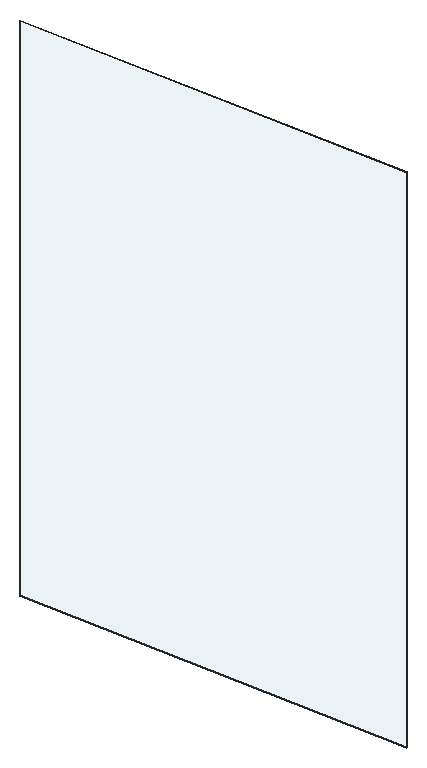
Revit family "ALSPEC ALU CHANNELS CT SGL GLZ", category Curtain Panels, Revit 2017
Family settings
  OmniClass Number = 23.25.20.14.11.11.17
  OmniClass Title = Infill Panels
  Always vertical = Yes
  Cut with Voids When Loaded = No
  Shared = No
Parameters
  YEAR = "2019"
  VERSION = "2.0"
  TODAYS DATE = "05.02.2019"
  SINGLE GLAZED THICKNESS = 30 mm
  CREATOR = " Scott Isouard"  # constant formula
  COMPANY = "Archvis"  # constant formula
  Assembly Code = ""
  Analytic Construction = "<None>"
  ANZRC Compliant = yes
  A = if(SINGLE GLAZED THICKNESS > 12 mm, 12 mm, if(SINGLE GLAZED THICKNESS < 4 mm, 4 mm, SINGLE GLAZED THICKNESS))  # 12 mm
Reference planes
  plane 1 "Center (Front/Back)": y = 0
  plane 2: z = 0
  plane 3 "Center (Left/Right)": x = 0
  plane 4 "Left": x = -1500
  plane 5 "Right": x = 1500
  plane 6 "Top": z = 4000
  plane 7: z = -50
  plane 8: y = 6
  plane 9: y = -6
Forms (mm)
  Extrusion 1, solid, material "Glass"
    sketch origin (0, 0, 0) x (1, 0, 0) y (0, 1, 0)
      loop
        line (-1500, -6) -> (1500, -6) -> (1500, 6) -> (-1500, 6) -> (-1500, -6)
    from 0 to 4000
Text (mm)
  text "Exterior" at (-2351.972, 1416.179, 0), in view "Ref. Level"
  text "Exterior" at (0, 2290.741, 4406.713), in view "Left"
  text "Exterior" at (0, 1328.187, 4120.349), in view "Right"
Dimensions and locks
  equal spacing: plane 4 "Left", plane 3 "Center (Left/Right)", plane 5 "Right"
  locked: plane 7 to plane 2 at 50
  equal spacing: plane 9, plane 1 "Center (Front/Back)", plane 8
  "A": plane 9 to plane 8
  aligned and locked: Extrusion 1 to plane 6 "Top"
  aligned and locked: plane 4 "Left" to Extrusion 1 sketch curve
  aligned and locked: Extrusion 1 sketch curve to plane 5 "Right"
  aligned and locked: Extrusion 1 sketch curve to plane 8
  aligned and locked: plane 9 to Extrusion 1 sketch curve
